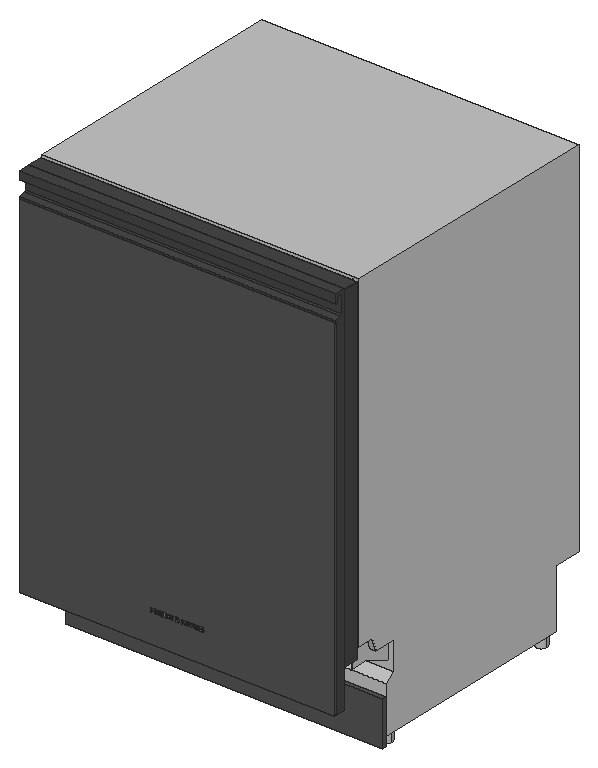
Revit family "FP_Revit_18_DW60UZ6B_Dishwasher_90000926A", category Specialty Equipment, Revit 2018
Family settings
  Round Connector Dimension = Use Diameter
  Part Type = Normal
  OmniClass Number = 23.40.40.14.31
  OmniClass Title = Cleaning and Disposal Equipment
  Work Plane-Based = No
  Always vertical = Yes
  Cut with Voids When Loaded = Yes
  Shared = No
  Room Calculation Point = No
Parameters
  Visibility - Clearance Required = yes
  URL = "www.fisherpaykel.com"
  Product - Width = 598 mm  # constant formula
  Product - Height (820mm - 880mm) [instance] = 820 mm
  Product - Depth = 572 mm  # constant formula
  Model = "DW60UZ6B"
  Material - Trim = Fisher & Paykel - Black
  Material - Door Structure = Fisher & Paykel - Black
  Material - Door Front = Fisher & Paykel - Glass, Black
  Material - Body = Fisher & Paykel - Grey
  Manufacturer = "Fisher & Paykel Appliances"
  Description = "60cm Dishwasher"
  Connector Description - Water = "3/4“ BSP (GB20) to suit Flat Washer"
  Connector Description - Sanitary = "Drain Hose, No Fitting Required"
  Connector Description - Electrical = "220-240 V, 50 Hz, 10 A"
  Cavity - Width = 600 mm  # constant formula
  Cavity - Depth = 574 mm  # constant formula
Reference planes
  plane 1 "Datum": y = 0
  plane 2: z = 0
  plane 3 "Center (Left/Right)": x = 0
  plane 4: z = 0
  plane 5 "Product LHS": x = -299
  plane 6 "Product RHS": x = 299
  plane 7 "Product - Depth": y = 572
  plane 8 "Cavity LHS": x = -300
  plane 9 "Cavity RHS": x = 300
  plane 10 "Cavity - Depth": y = 574
  plane 11 "Product - Height": z = 820
  plane 12 "Chassis Datum": y = 53.204
  plane 13 "Cavity - Height": z = 822
  plane 14 "Door - Bottom": z = 104.207
Forms (mm)
  Extrusion 1, solid, material "Fisher & Paykel - Grey" <- "Material - Body"
    sketch origin (0, 0, 0) x (0, 1, 0) y (0, 0, 1)
      loop
        line (53.204, 820) -> (53.204, 198.6) -> (83.904, 198.6) -> (93.004, 173.6) -> (136.904, 173.6) -> (136.904, 120.204) -> (118.939, 107.624) -> (118.939, 18.7) -> (519.17, 18.7) -> (519.17, 130.624) -> (572, 130.624) -> (572, 820) -> (53.204, 820)
    from -299 to 299
  Extrusion 2, solid, material "Fisher & Paykel - Grey" <- "Material - Body"
    sketch origin (0, 0, 0) x (1, 0, 0) y (0, 1, 0)
      loop
        circle (-285.4, 501.47) r 10.3
      loop
        circle (-285.4, 135.504) r 10.3
      loop
        circle (285.4, 501.47) r 10.3
      loop
        circle (285.4, 135.504) r 10.3
    from 0 to 18.7
  Extrusion 3, solid, material "Fisher & Paykel - Clearance Required", visible <- "Visibility - Clearance Required", detail levels coarse
    sketch origin (0, 0, 0) x (1, 0, 0) y (0, 1, 0)
      loop
        line (300, 574) -> (-300, 574) -> (-300, 0) -> (300, 0) -> (300, 574)
    from 0 to 822
  Extrusion 4, solid, material "Fisher & Paykel - Black" <- "Material - Door Structure", detail levels fine
    sketch origin (0, 0, 0) x (1, 0, 0) y (0, 1, 0)
      loop
        line (-298, 49.412) -> (-298, 19.992) -> (298, 19.992) -> (298, 49.412) -> (287.406, 49.412) -> (287.406, 53.204) -> (-287.406, 53.204) -> (-287.406, 49.412) -> (-298, 49.412)
    from 177.307 to 815.807
  Extrusion 5, solid, material "Fisher & Paykel - Grey" <- "Material - Body", detail levels fine
    sketch origin (0, 0, 0) x (0, 1, 0) y (0, 0, 1)
      loop
        line (87.309, 156.793) -> (136.904, 135.741) -> (136.904, 173.593) -> (93.004, 173.593) -> (83.904, 198.593) -> (53.204, 198.593) -> (53.204, 156.793) -> (87.309, 156.793)
    from 286 to 287
  Extrusion 6, solid, material "Fisher & Paykel - Grey" <- "Material - Body", detail levels fine
    sketch origin (0, 0, 0) x (0, 1, 0) y (0, 0, -1)
      loop
        line (87.309, -156.793) -> (53.204, -156.793) -> (53.204, -198.593) -> (83.904, -198.593) -> (93.004, -173.593) -> (136.904, -173.593) -> (136.904, -135.741) -> (87.309, -156.793)
    from 286 to 287
  Extrusion 7, solid, material "Fisher & Paykel - Glass, Black" <- "Material - Door Front", detail levels medium+fine
    sketch origin (0, 0, 0) x (0, 1, 0) y (0, 0, 1)
      loop
        line (109.806, 86.465) -> (109.806, 1.95) -> (116.206, 1.95) -> (116.206, 86.465) -> (109.806, 86.465)
    from -299 to 299
  Extrusion 8, solid, material "Fisher & Paykel - Grey" <- "Material - Body", detail levels fine
    sketch origin (0, 0, 0) x (1, 0, 0) y (0, 0, 1)
      loop
        circle (250.5, 79.95) r 4.458
      loop
        circle (-230.1, 84.15) r 9.5
      loop
        circle (-100.1, 84.15) r 9.5
    from -531.002 to -516.67
  Extrusion 9, solid, material "Fisher & Paykel - Clearance Required", visible <- "Visibility - Clearance Required", detail levels coarse
    sketch origin (0, 0, 0) x (0, 1, 0) y (0, 0, 1)
      loop
        line (-589.082, 104.207) -> (0, 104.207) -> (0, 820)
        arc (0, 820) -> (-445.36, 586.224) -> (-589.082, 104.207) r 647.626
    from -300 to 300
  Extrusion 10, solid, material "Fisher & Paykel - Black" <- "Material - Trim", detail levels fine
    sketch origin (0, 0, 0) x (1, 0, 0) y (0, 1, 0)
      loop
        line (-298, 49.412) -> (-298, 21.392) -> (298, 21.392) -> (298, 49.412) -> (-298, 49.412)
    from 815.807 to 817.7
  Extrusion 11, solid, material "Fisher & Paykel - Black" <- "Material - Door Structure", detail levels fine
    sketch origin (0, 0, 0) x (0, 1, 0) y (0, 0, 1)
      loop
        line (19.992, 104.207) -> (19.992, 815.807) -> (21.392, 815.807) -> (21.392, 817.707) -> (0, 817.707) -> (0, 801.107) -> (2.592, 801.107) -> (4.55, 812.207) -> (14.992, 812.207) -> (14.992, 778.145)
        arc (14.992, 778.145) -> (14.274, 776.197) -> (12.462, 775.182) r 3
        line (12.462, 775.182) -> (0, 773.208) -> (0, 769.707) -> (3.192, 769.707) -> (3.192, 104.207) -> (19.992, 104.207)
    from -298 to 298
  Extrusion 12, solid, material "Fisher & Paykel - Glass, Black" <- "Material - Door Front", detail levels fine
    sketch origin (0, 0, 0) x (1, 0, 0) y (0, 0, 1)
      loop
        arc (-295.85, 769.707) -> (-297.264, 769.121) -> (-297.85, 767.707) r 2
        line (-297.85, 767.707) -> (-297.85, 106.207)
        arc (-297.85, 106.207) -> (-297.264, 104.793) -> (-295.85, 104.207) r 2
        line (-295.85, 104.207) -> (295.15, 104.207)
        arc (295.15, 104.207) -> (296.564, 104.793) -> (297.15, 106.207) r 2
        line (297.15, 106.207) -> (297.15, 767.707)
        arc (297.15, 767.707) -> (296.564, 769.121) -> (295.15, 769.707) r 2
        line (295.15, 769.707) -> (-295.85, 769.707)
    from -3.192 to 0
  Extrusion 13, solid, material "Fisher & Paykel - Glass, Black" <- "Material - Door Front", detail levels coarse+medium
    sketch origin (0, 0, 0) x (0, 1, 0) y (0, 0, 1)
      loop
        line (0, 817.707) -> (0, 801.107) -> (14.992, 801.107) -> (14.992, 773.208) -> (0, 773.208) -> (0, 104.207) -> (53.204, 104.207) -> (53.204, 817.707) -> (0, 817.707)
    from -298 to 298
  Extrusion 14, void
    sketch origin (0, 0, 0) x (1, 0, 0) y (0, 1, 0)
      loop
        line (300, 574) -> (-300, 574) -> (-300, 0) -> (300, 0) -> (300, 574)
    from 0 to 822
Text (mm)
  text "Due to ongoing product development, product details are subject to change without notice. \nPlease always refer to www.fisherpaykel.com for the most current product information. \n© Fisher & Paykel 2020" at (41.04, -690.05, 0), in view "Ref. Level (Plan)"
Dimensions and locks
  equal spacing: plane 5 "Product LHS", plane 3 "Center (Left/Right)", plane 6 "Product RHS"
  "Product - Width": plane 5 "Product LHS" to plane 6 "Product RHS"
  equal spacing: plane 8 "Cavity LHS", plane 3 "Center (Left/Right)", plane 9 "Cavity RHS"
  "Cavity - Width": plane 8 "Cavity LHS" to plane 9 "Cavity RHS"
  Extrusion 1 sketch curve to Extrusion 1 sketch curve = 801.3 mm
  locked: plane 1 "Datum" to plane 12 "Chassis Datum" at 53.204
  Extrusion 1 to plane 12 "Chassis Datum" = 518.796 mm
  "Product - Height (820mm - 880mm)": plane 11 "Product - Height" to level
  locked: plane 11 "Product - Height" to Extrusion 1 at 801.3
  locked: Extrusion 1 to plane 11 "Product - Height" at 689.376
  locked: Extrusion 1 to plane 11 "Product - Height" at 646.4
  locked: level to Extrusion 7 at 1.95
  locked: plane 11 "Product - Height" to Extrusion 1 at 621.4
  locked: Extrusion 8 sketch curve to plane 11 "Product - Height" at 740.05
  locked: Extrusion 8 sketch curve to plane 11 "Product - Height" at 735.85  (x2)
  "Product - Depth": plane 7 "Product - Depth" to plane 1 "Datum"
  locked: plane 11 "Product - Height" to Extrusion 4 at 642.693
  "Cavity - Depth": plane 10 "Cavity - Depth" to plane 1 "Datum"
  equal spacing: Extrusion 10, plane 3 "Center (Left/Right)", Extrusion 10
  Extrusion 10 to Extrusion 10 = 596 mm
  locked: plane 14 "Door - Bottom" to plane 11 "Product - Height" at 715.793
  plane 11 "Product - Height" to plane 13 "Cavity - Height" = 2 mm
  locked: Extrusion 5 to plane 11 "Product - Height" at 663.207
  locked: Extrusion 6 to plane 11 "Product - Height" at 663.207
  locked: nested 1 to plane 14 "Door - Bottom" at 55.048
  locked: plane 11 "Product - Height" to Extrusion 11 at 2.293  (x2)
  locked: plane 11 "Product - Height" to Extrusion 10 at 2.3
  locked: Extrusion 10 to plane 11 "Product - Height" at 4.193
  locked: plane 11 "Product - Height" to Extrusion 4 at 4.193
  locked: Extrusion 7 to plane 14 "Door - Bottom" at 17.742
  aligned and locked: level to plane 2
  aligned and locked: plane 8 "Cavity LHS" to Extrusion 3 sketch curve
  aligned and locked: Extrusion 3 sketch curve to plane 9 "Cavity RHS"
  aligned and locked: plane 10 "Cavity - Depth" to Extrusion 3 sketch curve
  aligned and locked: Extrusion 1 sketch curve to plane 7 "Product - Depth"
  aligned and locked: plane 11 "Product - Height" to Extrusion 1
  aligned and locked: Extrusion 3 to plane 13 "Cavity - Height"
  aligned and locked: Extrusion 2 to Extrusion 1
  aligned and locked: Extrusion 1 to plane 5 "Product LHS"
  aligned and locked: Extrusion 1 to plane 6 "Product RHS"
  aligned and locked: Extrusion 7 to plane 6 "Product RHS"
  aligned and locked: plane 5 "Product LHS" to Extrusion 7
  aligned and locked: Extrusion 9 to plane 9 "Cavity RHS"
  aligned and locked: plane 8 "Cavity LHS" to Extrusion 9
  aligned and locked: Extrusion 9 sketch curve to plane 14 "Door - Bottom"
  aligned and locked: Extrusion 9 to Extrusion 11
  aligned and locked: Extrusion 12 sketch curve to plane 14 "Door - Bottom"
  aligned and locked: Extrusion 13 sketch curve to plane 14 "Door - Bottom"
  aligned and locked: Extrusion 13 sketch curve to plane 1 "Datum"
  aligned and locked: Extrusion 13 sketch curve to plane 12 "Chassis Datum"
  aligned and locked: Extrusion 13 to Extrusion 4
  aligned and locked: plane 1 "Datum" to Extrusion 3
  aligned and locked: Extrusion 14 to Extrusion 3
Automatic sketch dimensions
  Extrusion 1 sketch curve to plane 11 "Product - Height" = 0 mm
  Extrusion 1 sketch curve to plane 12 "Chassis Datum" = 0 mm
  Extrusion 1 sketch curve to Extrusion 1 sketch curve = 30.7 mm
  Extrusion 1 sketch curve to Extrusion 1 sketch curve = 9.099 mm
  plane 12 "Chassis Datum" to Extrusion 1 sketch curve = 65.734 mm
  Extrusion 1 sketch curve to plane 14 "Door - Bottom" = 15.997 mm
  Extrusion 1 sketch curve to Extrusion 1 sketch curve = 17.965 mm
  Extrusion 1 sketch curve to plane 7 "Product - Depth" = 52.83 mm
  Extrusion 1 sketch curve to plane 14 "Door - Bottom" = 3.417 mm
  Extrusion 1 sketch curve to plane 14 "Door - Bottom" = 26.417 mm
  Extrusion 1 sketch curve to Extrusion 1 sketch curve = 53.396 mm
  Extrusion 1 sketch curve to Extrusion 1 sketch curve = 25 mm
  Extrusion 2 sketch curve to plane 5 "Product LHS" = 13.6 mm  (x2)
  plane 6 "Product RHS" to Extrusion 2 sketch curve = 13.6 mm  (x2)
  plane 12 "Chassis Datum" to Extrusion 2 sketch curve = 82.3 mm  (x2)
  Extrusion 2 sketch curve to plane 7 "Product - Depth" = 70.53 mm  (x2)
  plane 1 "Datum" to Extrusion 3 sketch curve = 0 mm
  Extrusion 4 sketch curve to plane 12 "Chassis Datum" = 0 mm
  Extrusion 4 sketch curve to plane 5 "Product LHS" = 1 mm
  Extrusion 4 sketch curve to Extrusion 4 sketch curve = 10.594 mm
  plane 6 "Product RHS" to Extrusion 4 sketch curve = 11.594 mm
  plane 6 "Product RHS" to Extrusion 4 sketch curve = 1 mm
  Extrusion 4 sketch curve to plane 12 "Chassis Datum" = 3.793 mm  (x2)
  Extrusion 4 sketch curve to plane 1 "Datum" = 19.992 mm
  Extrusion 5 sketch curve to plane 12 "Chassis Datum" = 0 mm
  Extrusion 5 sketch curve to Extrusion 5 sketch curve = 30.7 mm
  Extrusion 5 sketch curve to Extrusion 5 sketch curve = 34.105 mm
  Extrusion 5 sketch curve to Extrusion 5 sketch curve = 5.695 mm
  Extrusion 5 sketch curve to plane 14 "Door - Bottom" = 31.534 mm
  Extrusion 5 sketch curve to Extrusion 5 sketch curve = 49.595 mm
  Extrusion 5 sketch curve to plane 14 "Door - Bottom" = 52.586 mm
  Extrusion 5 sketch curve to Extrusion 5 sketch curve = 16.8 mm
  Extrusion 5 sketch curve to Extrusion 5 sketch curve = 25 mm
  Extrusion 6 sketch curve to plane 12 "Chassis Datum" = 0 mm
  Extrusion 6 sketch curve to Extrusion 6 sketch curve = 30.7 mm
  Extrusion 6 sketch curve to Extrusion 6 sketch curve = 34.105 mm
  Extrusion 6 sketch curve to Extrusion 6 sketch curve = 5.695 mm
  Extrusion 6 sketch curve to plane 14 "Door - Bottom" = 31.534 mm
  Extrusion 6 sketch curve to Extrusion 6 sketch curve = 49.595 mm
  Extrusion 6 sketch curve to plane 14 "Door - Bottom" = 52.586 mm
  Extrusion 6 sketch curve to Extrusion 6 sketch curve = 37.852 mm
  Extrusion 6 sketch curve to Extrusion 6 sketch curve = 25 mm
  level to Extrusion 7 sketch curve = 1.95 mm
  plane 12 "Chassis Datum" to Extrusion 7 sketch curve = 56.602 mm
  Extrusion 7 sketch curve to Extrusion 7 sketch curve = 6.4 mm
  plane 14 "Door - Bottom" to Extrusion 7 sketch curve = 17.742 mm
  Extrusion 8 sketch curve to plane 5 "Product LHS" = 68.9 mm
  Extrusion 8 sketch curve to plane 3 "Center (Left/Right)" = 100.1 mm
  plane 6 "Product RHS" to Extrusion 8 sketch curve = 48.5 mm
  Extrusion 9 sketch curve to plane 1 "Datum" = 0 mm
  Extrusion 9 sketch curve to plane 11 "Product - Height" = 0 mm
  plane 1 "Datum" to Extrusion 9 sketch curve = 589.082 mm
  plane 12 "Chassis Datum" to Extrusion 9 sketch curve = 1.493 mm
  Extrusion 10 sketch curve to plane 5 "Product LHS" = 1 mm
  plane 6 "Product RHS" to Extrusion 10 sketch curve = 1 mm
  Extrusion 10 sketch curve to plane 1 "Datum" = 21.392 mm
  Extrusion 10 sketch curve to plane 12 "Chassis Datum" = 3.793 mm
  Extrusion 11 sketch curve to plane 1 "Datum" = 0 mm  (x2)
  plane 14 "Door - Bottom" to Extrusion 11 sketch curve = 0 mm
  Extrusion 11 sketch curve to Extrusion 11 sketch curve = 2.592 mm
  Extrusion 11 sketch curve to Extrusion 11 sketch curve = 3.192 mm
  Extrusion 11 sketch curve to plane 1 "Datum" = 4.55 mm
  Extrusion 11 sketch curve to plane 1 "Datum" = 11.992 mm
  Extrusion 11 sketch curve to Extrusion 11 sketch curve = 0.469 mm
  Extrusion 11 sketch curve to Extrusion 11 sketch curve = 10.443 mm
  Extrusion 11 sketch curve to Extrusion 11 sketch curve = 16.8 mm
  Extrusion 11 sketch curve to Extrusion 11 sketch curve = 1.4 mm
  Extrusion 11 sketch curve to plane 11 "Product - Height" = 50.293 mm
  Extrusion 11 sketch curve to Extrusion 11 sketch curve = 3.501 mm
  Extrusion 11 sketch curve to Extrusion 11 sketch curve = 5.475 mm
  Extrusion 11 sketch curve to plane 11 "Product - Height" = 18.893 mm
  Extrusion 11 sketch curve to plane 11 "Product - Height" = 7.793 mm
  Extrusion 11 sketch curve to plane 11 "Product - Height" = 4.193 mm
  Extrusion 11 sketch curve to plane 11 "Product - Height" = 2.293 mm
  Extrusion 12 sketch curve to plane 5 "Product LHS" = 1.15 mm
  Extrusion 12 sketch curve to Extrusion 12 sketch curve = 2 mm  (x2)
  plane 6 "Product RHS" to Extrusion 12 sketch curve = 3.85 mm  (x2)
  plane 6 "Product RHS" to Extrusion 12 sketch curve = 1.85 mm
  Extrusion 12 sketch curve to plane 11 "Product - Height" = 52.293 mm
  Extrusion 13 sketch curve to plane 1 "Datum" = 0 mm
  Extrusion 13 sketch curve to plane 1 "Datum" = 14.992 mm
  Extrusion 13 sketch curve to plane 11 "Product - Height" = 46.792 mm
  Extrusion 13 sketch curve to plane 11 "Product - Height" = 18.893 mm
  Extrusion 13 sketch curve to plane 11 "Product - Height" = 2.293 mm
  Extrusion 14 sketch curve to plane 8 "Cavity LHS" = 0 mm
  plane 1 "Datum" to Extrusion 14 sketch curve = 0 mm
  Extrusion 14 sketch curve to plane 9 "Cavity RHS" = 0 mm
  Extrusion 14 sketch curve to plane 10 "Cavity - Depth" = 0 mm
  radius of Extrusion 2 sketch curve = 10.3 mm  (x4)
  radius of Extrusion 8 sketch curve = 4.458 mm
  radius of Extrusion 8 sketch curve = 9.5 mm  (x2)
Nested families
  nested 1: "F&P Logo 100mm" at (0, 0, 159.255), type "F&P Logo 100mm"
Connectors
  electrical at (250.5, 531.002, 79.95), driven by "Connector Description - Electrical"
    settings: on Extrusion 8, index 1, voltage 230 V, apparent load 0 VA, apparent load phase1 0 VA, apparent load phase2 0 VA, apparent load phase3 0 VA, power factor 1, load classification "Other", number of poles 1, system type 30, power factor state 1, is connector primary yes, connector utility no, sub classification motor no, connector description "220-240 V, 50 Hz, 10 A"
  piping at (-230.1, 531.002, 84.15), diameter 19, driven by "Connector Description - Sanitary"
    settings: on Extrusion 8, index 2, connector inside diameter 609.6 mm, connector length 0 mm, flow factor 0, pipe flow 0.0 L/s, pressure drop 0.0 Pa, fitting loss kfactor 0, connector angle 0.00°, fixture units 0, engagement length 0 mm, angle of deflection 0.00°, flow configuration 0, flow direction 2, fitting loss method 0, system type 16, joint type 0, gender type 0, connector reference index -1, connector utility 0, adjustable connector no, is connector primary yes, connector description "Drain Hose, No Fitting Required"
  piping at (-100.1, 531.002, 84.15), diameter 19, driven by "Connector Description - Water"
    settings: on Extrusion 8, index 3, connector inside diameter 609.6 mm, connector length 0 mm, flow factor 0, pipe flow 0.0 L/s, pressure drop 0.0 Pa, fitting loss kfactor 0, connector angle 0.00°, fixture units 0, engagement length 0 mm, angle of deflection 0.00°, flow configuration 0, flow direction 1, fitting loss method 0, system type 20, joint type 0, gender type 0, connector reference index -1, connector utility 0, adjustable connector no, is connector primary no, connector description "3/4“ BSP (GB20) to suit Flat Washer"
Definition of nested family "F&P Logo 100mm"
  Parameters (values of type "F&P Logo 100mm")
    URL = "www.fisherpaykel.com"
    Material - Logo = none
    Manufacturer = "Fisher & Paykel Appliances"
  Reference planes
    plane 1 "Center (Front/Back)": y = 0
    plane 2: z = 0
    plane 3 "Center (Left/Right)": x = 0
  Forms (mm)
    Extrusion 1, solid, material <- "Material - Logo", detail levels fine
      sketch origin (0, 0, 0) x (1, 0, 0) y (0, 0, 1)
        loop
          line (-50.044, 0) -> (-48.47, 0) -> (-48.47, 2.138) -> (-46.011, 2.138) -> (-46.011, 3.472) -> (-48.47, 3.472) -> (-48.47, 4.712) -> (-45.795, 4.712) -> (-45.795, 6.04) -> (-50.044, 6.04) -> (-50.044, 0)
        loop
          line (-42.804, 6.04) -> (-42.804, 0) -> (-41.23, 0) -> (-41.23, 6.04) -> (-42.804, 6.04)
        loop
          line (-30.724, 6.04) -> (-30.724, 0) -> (-29.151, 0) -> (-29.151, 2.42) -> (-26.839, 2.42) -> (-26.839, 0) -> (-25.265, 0) -> (-25.265, 6.04) -> (-26.839, 6.04) -> (-26.839, 3.748) -> (-29.151, 3.748) -> (-29.151, 6.04) -> (-30.724, 6.04)
        loop
          line (-21.906, 6.04) -> (-21.906, 0) -> (-17.602, 0) -> (-17.602, 1.328) -> (-20.347, 1.328) -> (-20.347, 2.42) -> (-17.838, 2.42) -> (-17.838, 3.748) -> (-20.347, 3.748) -> (-20.347, 4.712) -> (-17.602, 4.712) -> (-17.602, 6.04) -> (-21.906, 6.04)
        loop
          line (45.667, 6.04) -> (45.667, 0) -> (49.956, 0) -> (49.956, 1.328) -> (47.241, 1.328) -> (47.241, 6.04) -> (45.667, 6.04)
        loop
          line (42.431, 6.04) -> (38.112, 6.04) -> (38.112, 0) -> (42.431, 0) -> (42.431, 1.328) -> (39.687, 1.328) -> (39.687, 2.42) -> (42.195, 2.42) -> (42.195, 3.748) -> (39.687, 3.748) -> (39.687, 4.712) -> (42.431, 4.712) -> (42.431, 6.04)
        loop
          line (33.451, 3.148) -> (35.683, 6.04) -> (33.844, 6.04) -> (31.915, 3.542) -> (31.915, 6.04) -> (30.342, 6.04) -> (30.342, 0) -> (31.915, 0) -> (31.915, 2.705) -> (33.903, 0) -> (35.763, 0) -> (33.451, 3.148)
        loop
          line (21.98, 6.04) -> (24.262, 2.42) -> (24.262, 0) -> (25.837, 0) -> (25.837, 2.341) -> (28.119, 6.04) -> (26.446, 6.04) -> (25.099, 3.707) -> (23.753, 6.04) -> (21.98, 6.04)
        loop
          line (18.479, 6.04) -> (16.983, 6.04) -> (14.524, 0) -> (16.069, 0) -> (16.501, 1.112) -> (18.921, 1.112) -> (19.354, 0) -> (20.938, 0) -> (18.479, 6.04)
        loop
          line (18.4, 2.439) -> (17.693, 4.174) -> (17.018, 2.439) -> (18.4, 2.439)
        loop
          line (8.031, 6.04) -> (8.031, 0) -> (9.605, 0) -> (9.605, 1.938) -> (10.599, 1.938)
          arc (10.599, 1.938) -> (12.65, 3.989) -> (10.599, 6.04) r 2.051
          line (10.599, 6.04) -> (8.031, 6.04)
        loop
          line (9.605, 4.712) -> (9.605, 3.197) -> (10.501, 3.197)
          arc (10.501, 3.197) -> (11.259, 3.954) -> (10.501, 4.712) r 0.757
          line (10.501, 4.712) -> (9.605, 4.712)
        loop
          line (-11.783, 6.04) -> (-14.366, 6.04) -> (-14.366, 0) -> (-12.792, 0) -> (-12.792, 1.336) -> (-11.992, 1.336) -> (-10.972, 0) -> (-9.153, 0) -> (-10.694, 1.973)
          arc (-10.694, 1.973) -> (-9.678, 4.424) -> (-11.783, 6.04) r 2.179
        loop
          line (-11.897, 4.712) -> (-12.792, 4.712) -> (-12.792, 3.053) -> (-11.897, 3.053)
          arc (-11.897, 3.053) -> (-11.068, 3.882) -> (-11.897, 4.712) r 0.83
        loop
          line (0.477, 4.712) -> (0.477, 6.153) -> (-3.575, 6.153) -> (-3.575, 4.851) -> (-2.974, 4.112)
          arc (-2.974, 4.112) -> (-3.51, 0.684) -> (-0.045, 0.512) r 2.334
          line (-0.045, 0.512) -> (0.46, -0.109) -> (2.246, -0.109) -> (0.86, 1.594) -> (2.061, 3.324) -> (0.443, 3.324) -> (-0.013, 2.667) -> (-1.677, 4.712) -> (0.477, 4.712)
        loop
          arc (-2.125, 3.068) -> (-2.269, 1.668) -> (-0.868, 1.524) r 0.996
          line (-0.868, 1.524) -> (-2.125, 3.068)
        loop
          line (-35.18, 3.634) -> (-36.516, 3.91)
          arc (-36.516, 3.91) -> (-37.049, 4.443) -> (-36.516, 4.976) r 0.533
          arc (-36.516, 4.976) -> (-35.235, 4.79) -> (-34.059, 4.248) r 4.505
          line (-34.059, 4.248) -> (-34.059, 5.743)
          arc (-34.059, 5.743) -> (-35.549, 6.179) -> (-37.1, 6.109) r 4.726
          arc (-37.1, 6.109) -> (-38.536, 4.335) -> (-37.1, 2.561) r 1.814
          line (-37.1, 2.561) -> (-35.754, 2.282)
          arc (-35.754, 2.282) -> (-35.221, 1.749) -> (-35.754, 1.216) r 0.533
          arc (-35.754, 1.216) -> (-37.035, 1.402) -> (-38.211, 1.945) r 4.505
          line (-38.211, 1.945) -> (-38.211, 0.449)
          arc (-38.211, 0.449) -> (-36.72, 0.013) -> (-35.169, 0.083) r 4.726
          arc (-35.169, 0.083) -> (-33.734, 1.863) -> (-35.18, 3.634) r 1.814
      from 0 to 0.8
  Dimensions and locks
    aligned and locked: level to plane 2
